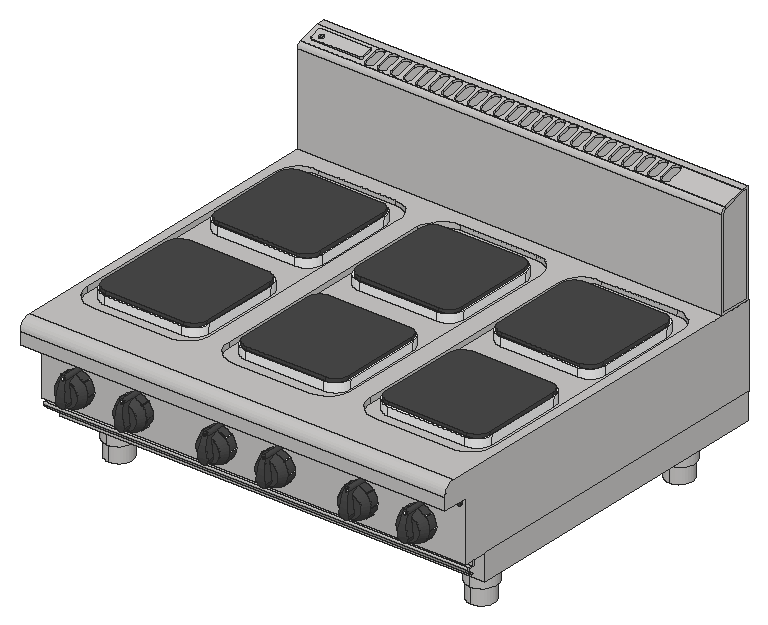
Revit family "QF_Moffat_RN8600SE-B_Electric_Cooktops_Sealed_Hobs_cat", category Specialty Equipment, Revit 2019 (continued)
Definition of nested family "High and Low Option"
  Definition of nested family "QF_LOGO_Waldorf1"
    Automatic sketch dimensions
      Split face 10 sketch curve to Split face 10 sketch curve = 3.285 mm
      Split face 10 sketch curve to Split face 10 sketch curve = 3.789 mm
      Split face 10 sketch curve to Split face 10 sketch curve = 0 mm  (x2)
      Split face 10 sketch curve to Split face 10 sketch curve = 1.629 mm
      Split face 10 sketch curve to Split face 10 sketch curve = 2.133 mm
      Split face 10 sketch curve to Extrusion 1 = 5.728 mm
      Split face 10 sketch curve to Split face 10 sketch curve = 6.245 mm
      Split face 10 sketch curve to Split face 10 sketch curve = 1.907 mm  (x2)
      Split face 10 sketch curve to Split face 10 sketch curve = 1.197 mm
      Split face 10 sketch curve to Split face 10 sketch curve = 2.19 mm
Definition of nested family "RN8600SE-B"
  Parameters (values of type "E516S-B")
    Weight in Kilograms = 135
    Watts = Volts * FL Amps  # 396 W
    Volts = 220 V
    URL Cutsheet = ""
    Specification by User = ""
    Specification by Manufacturer = ""
    Serial Number = ""
    Seismic Rating = ""
    SMACNA No = ""
    Revision Code = ""
    Phase = 1
    Number of Poles = 1
    NAFEM Spec ID Number = ""
    Model = "RN8600SE-B"
    Min Ckt Ampacity = 0 A
    Max Overcurrent Protection = 0 A
    Masterspec = ""
    Manufacturer = "Moffat"
    Length = 900 mm
    Item Number = ""
    Installed By = ""
    Identify Quantity as Lot = yes
    Height = 315 mm
    HP = ""
    Furnished By = ""
    Foodservice Equipment Identifier = yes
    FL Amps = 1.8 A
    Electrical Remarks = ""
    Electric Connection Type = ""
    Elec Conn RI Height = 0 mm
    Elec Conn Connection Height = 0 mm
    Description = "Electric Cooktops Sealed Hobs"
    Depth = 805 mm
    Cycle = 50 Hz
    Conn Plug = ""
    Conn Conduit = yes
    CSI MasterFormat = ""
    Apparent Power = if(Phase = 3, Volts * FL Amps * 1.73, Volts * FL Amps)  # 396 VA
  Reference planes
    plane 1 "BACK": y = 0
    plane 2: z = 0
    plane 3 "LEFT": x = 0
    plane 4 "RIGHT": x = 900
    plane 5 "FRONT": y = -805
    plane 6 "TOP": z = 315
    plane 7 "Center Y": x = 450
    plane 8 "Center X": y = -402.5
    plane 9: x = 65.5
    plane 10: x = 87.5
    plane 11: x = 211.766
    plane 12: y = -30
    plane 13: x = 770
    plane 14: x = 512.5
    plane 15: x = 388.234
    plane 16: x = 834.5
    plane 17: x = 812.5
    plane 18: x = 688.234
  Forms (mm)
    Extrusion 1, solid
      sketch origin (0, 0, 0) x (0, 1, 0) y (0, 0, 1)
        loop
          line (0, 140) -> (0, 315) -> (-781, 315)
          arc (-781, 315) -> (-797.971, 307.971) -> (-805, 291) r 24
          line (-805, 291) -> (-805, 266) -> (-749, 266) -> (-749, 140) -> (0, 140)
      from 0 to 900
    Extrusion 2, void
      sketch origin (0, -783.97, 314.5) x (0, 1, 0) y (-1, 0, 0)
        loop
          arc (681.97, -69) -> (667.325, -33.645) -> (631.97, -19) r 50
          line (631.97, -19) -> (131.97, -19)
          arc (131.97, -19) -> (96.615, -33.645) -> (81.97, -69) r 50
          line (81.97, -69) -> (81.97, -231)
          arc (81.97, -231) -> (96.615, -266.355) -> (131.97, -281) r 50
          line (131.97, -281) -> (631.97, -281)
          arc (631.97, -281) -> (667.325, -266.355) -> (681.97, -231) r 50
          line (681.97, -231) -> (681.97, -69)
        loop
          line (681.97, -831) -> (681.97, -669)
          arc (681.97, -669) -> (667.325, -633.645) -> (631.97, -619) r 50
          line (631.97, -619) -> (131.97, -619)
          arc (131.97, -619) -> (96.615, -633.645) -> (81.97, -669) r 50
          line (81.97, -669) -> (81.97, -831)
          arc (81.97, -831) -> (96.615, -866.355) -> (131.97, -881) r 50
          line (131.97, -881) -> (631.97, -881)
          arc (631.97, -881) -> (667.325, -866.355) -> (681.97, -831) r 50
        loop
          line (81.97, -369) -> (81.97, -531)
          arc (81.97, -531) -> (96.615, -566.355) -> (131.97, -581) r 50
          line (131.97, -581) -> (631.97, -581)
          arc (631.97, -581) -> (667.325, -566.355) -> (681.97, -531) r 50
          line (681.97, -531) -> (681.97, -369)
          arc (681.97, -369) -> (667.325, -333.645) -> (631.97, -319) r 50
          line (631.97, -319) -> (131.97, -319)
          arc (131.97, -319) -> (96.615, -333.645) -> (81.97, -369) r 50
      from 0.5 to -9.5
    Extrusion 3, solid
      sketch origin (0, -783.97, 305) x (0, 1, 0) y (-1, 0, 0)
        loop
          arc (645.97, -68) -> (636.597, -45.373) -> (613.97, -36) r 32
          line (613.97, -36) -> (449.97, -36)
          arc (449.97, -36) -> (427.343, -45.373) -> (417.97, -68) r 32
          line (417.97, -68) -> (417.97, -232)
          arc (417.97, -232) -> (427.343, -254.627) -> (449.97, -264) r 32
          line (449.97, -264) -> (613.97, -264)
          arc (613.97, -264) -> (636.597, -254.627) -> (645.97, -232) r 32
          line (645.97, -232) -> (645.97, -68)
        loop
          arc (345.97, -68) -> (336.597, -45.373) -> (313.97, -36) r 32
          line (313.97, -36) -> (149.97, -36)
          arc (149.97, -36) -> (127.343, -45.373) -> (117.97, -68) r 32
          line (117.97, -68) -> (117.97, -232)
          arc (117.97, -232) -> (127.343, -254.627) -> (149.97, -264) r 32
          line (149.97, -264) -> (313.97, -264)
          arc (313.97, -264) -> (336.597, -254.627) -> (345.97, -232) r 32
          line (345.97, -232) -> (345.97, -68)
        loop
          arc (645.97, -368) -> (636.597, -345.373) -> (613.97, -336) r 32
          line (613.97, -336) -> (449.97, -336)
          arc (449.97, -336) -> (427.343, -345.373) -> (417.97, -368) r 32
          line (417.97, -368) -> (417.97, -532)
          arc (417.97, -532) -> (427.343, -554.627) -> (449.97, -564) r 32
          line (449.97, -564) -> (613.97, -564)
          arc (613.97, -564) -> (636.597, -554.627) -> (645.97, -532) r 32
          line (645.97, -532) -> (645.97, -368)
        loop
          arc (345.97, -368) -> (336.597, -345.373) -> (313.97, -336) r 32
          line (313.97, -336) -> (149.97, -336)
          arc (149.97, -336) -> (127.343, -345.373) -> (117.97, -368) r 32
          line (117.97, -368) -> (117.97, -532)
          arc (117.97, -532) -> (127.343, -554.627) -> (149.97, -564) r 32
          line (149.97, -564) -> (313.97, -564)
          arc (313.97, -564) -> (336.597, -554.627) -> (345.97, -532) r 32
          line (345.97, -532) -> (345.97, -368)
        loop
          line (645.97, -832) -> (645.97, -668)
          arc (645.97, -668) -> (636.597, -645.373) -> (613.97, -636) r 32
          line (613.97, -636) -> (449.97, -636)
          arc (449.97, -636) -> (427.343, -645.373) -> (417.97, -668) r 32
          line (417.97, -668) -> (417.97, -832)
          arc (417.97, -832) -> (427.343, -854.627) -> (449.97, -864) r 32
          line (449.97, -864) -> (613.97, -864)
          arc (613.97, -864) -> (636.597, -854.627) -> (645.97, -832) r 32
        loop
          line (345.97, -832) -> (345.97, -668)
          arc (345.97, -668) -> (336.597, -645.373) -> (313.97, -636) r 32
          line (313.97, -636) -> (149.97, -636)
          arc (149.97, -636) -> (127.343, -645.373) -> (117.97, -668) r 32
          line (117.97, -668) -> (117.97, -832)
          arc (117.97, -832) -> (127.343, -854.627) -> (149.97, -864) r 32
          line (149.97, -864) -> (313.97, -864)
          arc (313.97, -864) -> (336.597, -854.627) -> (345.97, -832) r 32
      from 0 to 17.8
    Extrusion 4, solid
      sketch origin (0, -783.97, 322.8) x (0, 1, 0) y (-1, 0, 0)
        loop
          arc (641.97, -67) -> (634.062, -47.908) -> (614.97, -40) r 27
          line (614.97, -40) -> (448.97, -40)
          arc (448.97, -40) -> (429.878, -47.908) -> (421.97, -67) r 27
          line (421.97, -67) -> (421.97, -233)
          arc (421.97, -233) -> (429.878, -252.092) -> (448.97, -260) r 27
          line (448.97, -260) -> (614.97, -260)
          arc (614.97, -260) -> (634.062, -252.092) -> (641.97, -233) r 27
          line (641.97, -233) -> (641.97, -67)
        loop
          arc (341.97, -67) -> (334.062, -47.908) -> (314.97, -40) r 27
          line (314.97, -40) -> (148.97, -40)
          arc (148.97, -40) -> (129.878, -47.908) -> (121.97, -67) r 27
          line (121.97, -67) -> (121.97, -233)
          arc (121.97, -233) -> (129.878, -252.092) -> (148.97, -260) r 27
          line (148.97, -260) -> (314.97, -260)
          arc (314.97, -260) -> (334.062, -252.092) -> (341.97, -233) r 27
          line (341.97, -233) -> (341.97, -67)
        loop
          line (641.97, -533) -> (641.97, -367)
          arc (641.97, -367) -> (634.062, -347.908) -> (614.97, -340) r 27
          line (614.97, -340) -> (448.97, -340)
          arc (448.97, -340) -> (429.878, -347.908) -> (421.97, -367) r 27
          line (421.97, -367) -> (421.97, -533)
          arc (421.97, -533) -> (429.878, -552.092) -> (448.97, -560) r 27
          line (448.97, -560) -> (614.97, -560)
          arc (614.97, -560) -> (634.062, -552.092) -> (641.97, -533) r 27
        loop
          arc (314.97, -560) -> (334.062, -552.092) -> (341.97, -533) r 27
          line (341.97, -533) -> (341.97, -367)
          arc (341.97, -367) -> (334.062, -347.908) -> (314.97, -340) r 27
          line (314.97, -340) -> (148.97, -340)
          arc (148.97, -340) -> (129.878, -347.908) -> (121.97, -367) r 27
          line (121.97, -367) -> (121.97, -533)
          arc (121.97, -533) -> (129.878, -552.092) -> (148.97, -560) r 27
          line (148.97, -560) -> (314.97, -560)
        loop
          line (641.97, -833) -> (641.97, -667)
          arc (641.97, -667) -> (634.062, -647.908) -> (614.97, -640) r 27
          line (614.97, -640) -> (448.97, -640)
          arc (448.97, -640) -> (429.878, -647.908) -> (421.97, -667) r 27
          line (421.97, -667) -> (421.97, -833)
          arc (421.97, -833) -> (429.878, -852.092) -> (448.97, -860) r 27
          line (448.97, -860) -> (614.97, -860)
          arc (614.97, -860) -> (634.062, -852.092) -> (641.97, -833) r 27
        loop
          arc (314.97, -860) -> (334.062, -852.092) -> (341.97, -833) r 27
          line (341.97, -833) -> (341.97, -667)
          arc (341.97, -667) -> (334.062, -647.908) -> (314.97, -640) r 27
          line (314.97, -640) -> (148.97, -640)
          arc (148.97, -640) -> (129.878, -647.908) -> (121.97, -667) r 27
          line (121.97, -667) -> (121.97, -833)
          arc (121.97, -833) -> (129.878, -852.092) -> (148.97, -860) r 27
          line (148.97, -860) -> (314.97, -860)
      from 0 to 6.1
    Extrusion 5, solid
      sketch origin (0, 0, 0) x (0, 1, 0) y (0, 0, 1)
        loop
          line (-699, 85) -> (0, 85) -> (0, 140) -> (-699, 140) -> (-699, 85)
      from 0 to 900
    Extrusion 6, solid
      sketch origin (0, 0, 0) x (0, 1, 0) y (0, 0, 1)
        loop
          line (-730.6, 140) -> (-730.6, 130) -> (-740.105, 130)
          arc (-740.105, 130) -> (-743.076, 128.015) -> (-742.379, 124.511) r 3.215
          line (-742.379, 124.511) -> (-731.85, 113.982) -> (-730.719, 115.113) -> (-741.247, 125.642)
          arc (-741.247, 125.642) -> (-741.597, 127.403) -> (-740.105, 128.4) r 1.615
          line (-740.105, 128.4) -> (-729, 128.4) -> (-729, 140) -> (-730.6, 140)
      from 0 to 900
    Extrusion 7, solid
      sketch origin (450, 175.397, 1219.2) x (0, 1, 0) y (0, 0, 1)
        loop
          line (-874.397, -1109.2) -> (-889.234, -1109.2)
          arc (-889.234, -1109.2) -> (-890.834, -1110.8) -> (-889.234, -1112.4) r 1.6
          line (-889.234, -1112.4) -> (-874.397, -1112.4) -> (-874.397, -1109.2)
      from -400 to 400
    Extrusion 8, solid
      sketch origin (0, -749, 156.25) x (0, 0, 1) y (-1, 0, 0)
        loop
          circle (84.8, -732.5) r 7.15
        loop
          circle (84.8, -857.5) r 7.15
        loop
          circle (84.8, -431.766) r 7.15
        loop
          circle (84.8, -556.766) r 7.15
        loop
          circle (84.8, -131.031) r 7.15
        loop
          circle (84.8, -256.031) r 7.15
      from 0 to 1.6
    Extrusion 9, solid
      sketch origin (0, -749, 156.25) x (0, 0, 1) y (-1, 0, 0)
        loop
          circle (97.343, -13.157) r 5
        loop
          circle (97.343, -886.843) r 5
      from 0 to 1.6
    Extrusion 10, solid
      sketch origin (-30, -689.8, 85) x (1, 0, 0) y (0, -1, 0)
        loop
          circle (800, -659.8) r 6.35
      from 0 to 1.6
  Cuts and joins
    Extrusion 2 cuts Extrusion 1
  Lines and regions (mm)
    symbolic lines
      curve 1: line (0, 0, 0) -> (900, 0, 0)
      curve 2: line (0, -805, 0) -> (0, 0, 0)
      curve 3: line (900, -805, 0) -> (0, -805, 0)
      curve 4: line (900, 0, 0) -> (900, -805, 0)
      curve 5: line (369, -102, 0) -> (531, -102, 0)
      curve 6: arc (531, -102, 0) -> (566.355, -116.645, 0) -> (581, -152, 0) r 50
      curve 7: line (581, -152, 0) -> (581, -652, 0)
      curve 8: arc (581, -652, 0) -> (566.355, -687.355, 0) -> (531, -702, 0) r 50
      curve 9: line (531, -702, 0) -> (369, -702, 0)
      curve 10: arc (369, -702, 0) -> (333.645, -687.355, 0) -> (319, -652, 0) r 50
      curve 11: line (319, -652, 0) -> (319, -152, 0)
      curve 12: arc (319, -152, 0) -> (333.645, -116.645, 0) -> (369, -102, 0) r 50
      curve 13: line (669, -102, 0) -> (831, -102, 0)
      curve 14: arc (831, -102, 0) -> (866.355, -116.645, 0) -> (881, -152, 0) r 50
      curve 15: line (881, -152, 0) -> (881, -652, 0)
      curve 16: arc (881, -652, 0) -> (866.355, -687.355, 0) -> (831, -702, 0) r 50
      curve 17: line (831, -702, 0) -> (669, -702, 0)
      curve 18: arc (669, -702, 0) -> (633.645, -687.355, 0) -> (619, -652, 0) r 50
      curve 19: line (619, -652, 0) -> (619, -152, 0)
      curve 20: arc (619, -152, 0) -> (633.645, -116.645, 0) -> (669, -102, 0) r 50
      curve 21: arc (668, -138, 0) -> (645.373, -147.373, 0) -> (636, -170, 0) r 32
      curve 22: line (636, -170, 0) -> (636, -334, 0)
      curve 23: arc (636, -334, 0) -> (645.373, -356.627, 0) -> (668, -366, 0) r 32
      curve 24: line (668, -366, 0) -> (832, -366, 0)
      curve 25: arc (832, -366, 0) -> (854.627, -356.627, 0) -> (864, -334, 0) r 32
      curve 26: line (864, -334, 0) -> (864, -170, 0)
      curve 27: arc (864, -170, 0) -> (854.627, -147.373, 0) -> (832, -138, 0) r 32
      curve 28: line (832, -138, 0) -> (668, -138, 0)
      curve 29: arc (667, -142, 0) -> (647.908, -149.908, 0) -> (640, -169, 0) r 27
      curve 30: line (640, -169, 0) -> (640, -335, 0)
      curve 31: arc (640, -335, 0) -> (647.908, -354.092, 0) -> (667, -362, 0) r 27
      curve 32: line (667, -362, 0) -> (833, -362, 0)
      curve 33: arc (833, -362, 0) -> (852.092, -354.092, 0) -> (860, -335, 0) r 27
      curve 34: line (860, -335, 0) -> (860, -169, 0)
      curve 35: arc (860, -169, 0) -> (852.092, -149.908, 0) -> (833, -142, 0) r 27
      curve 36: line (833, -142, 0) -> (667, -142, 0)
      curve 37: line (532, -138, 0) -> (368, -138, 0)
      curve 38: arc (368, -138, 0) -> (345.373, -147.373, 0) -> (336, -170, 0) r 32
      curve 39: line (336, -170, 0) -> (336, -334, 0)
      curve 40: arc (336, -334, 0) -> (345.373, -356.627, 0) -> (368, -366, 0) r 32
      curve 41: line (368, -366, 0) -> (532, -366, 0)
      curve 42: arc (532, -366, 0) -> (554.627, -356.627, 0) -> (564, -334, 0) r 32
      curve 43: line (564, -334, 0) -> (564, -170, 0)
      curve 44: arc (564, -170, 0) -> (554.627, -147.373, 0) -> (532, -138, 0) r 32
      curve 45: line (533, -142, 0) -> (367, -142, 0)
      curve 46: arc (367, -142, 0) -> (347.908, -149.908, 0) -> (340, -169, 0) r 27
      curve 47: line (340, -169, 0) -> (340, -335, 0)
      curve 48: arc (340, -335, 0) -> (347.908, -354.092, 0) -> (367, -362, 0) r 27
      curve 49: line (367, -362, 0) -> (533, -362, 0)
      curve 50: arc (533, -362, 0) -> (552.092, -354.092, 0) -> (560, -335, 0) r 27
      curve 51: line (560, -335, 0) -> (560, -169, 0)
      curve 52: arc (560, -169, 0) -> (552.092, -149.908, 0) -> (533, -142, 0) r 27
      curve 53: line (232, -138, 0) -> (68, -138, 0)
      curve 54: arc (68, -138, 0) -> (45.373, -147.373, 0) -> (36, -170, 0) r 32
      curve 55: line (36, -170, 0) -> (36, -334, 0)
      curve 56: arc (36, -334, 0) -> (45.373, -356.627, 0) -> (68, -366, 0) r 32
      curve 57: line (68, -366, 0) -> (232, -366, 0)
      curve 58: arc (232, -366, 0) -> (254.627, -356.627, 0) -> (264, -334, 0) r 32
      curve 59: line (264, -334, 0) -> (264, -170, 0)
      curve 60: arc (264, -170, 0) -> (254.627, -147.373, 0) -> (232, -138, 0) r 32
      curve 61: line (233, -142, 0) -> (67, -142, 0)
      curve 62: arc (67, -142, 0) -> (47.908, -149.908, 0) -> (40, -169, 0) r 27
      curve 63: line (40, -169, 0) -> (40, -335, 0)
      curve 64: arc (40, -335, 0) -> (47.908, -354.092, 0) -> (67, -362, 0) r 27
      curve 65: line (67, -362, 0) -> (233, -362, 0)
      curve 66: arc (233, -362, 0) -> (252.092, -354.092, 0) -> (260, -335, 0) r 27
      curve 67: line (260, -335, 0) -> (260, -169, 0)
      curve 68: arc (260, -169, 0) -> (252.092, -149.908, 0) -> (233, -142, 0) r 27
      curve 69: line (232, -438, 0) -> (68, -438, 0)
      curve 70: arc (68, -438, 0) -> (45.373, -447.373, 0) -> (36, -470, 0) r 32
      curve 71: line (36, -470, 0) -> (36, -634, 0)
      curve 72: arc (36, -634, 0) -> (45.373, -656.627, 0) -> (68, -666, 0) r 32
      curve 73: line (68, -666, 0) -> (232, -666, 0)
      curve 74: arc (232, -666, 0) -> (254.627, -656.627, 0) -> (264, -634, 0) r 32
      curve 75: line (264, -634, 0) -> (264, -470, 0)
      curve 76: arc (264, -470, 0) -> (254.627, -447.373, 0) -> (232, -438, 0) r 32
      curve 77: line (233, -442, 0) -> (67, -442, 0)
      curve 78: arc (67, -442, 0) -> (47.908, -449.908, 0) -> (40, -469, 0) r 27
      curve 79: line (40, -469, 0) -> (40, -635, 0)
      curve 80: arc (40, -635, 0) -> (47.908, -654.092, 0) -> (67, -662, 0) r 27
      curve 81: line (67, -662, 0) -> (233, -662, 0)
      curve 82: arc (233, -662, 0) -> (252.092, -654.092, 0) -> (260, -635, 0) r 27
      curve 83: line (260, -635, 0) -> (260, -469, 0)
      curve 84: arc (260, -469, 0) -> (252.092, -449.908, 0) -> (233, -442, 0) r 27
      curve 85: arc (340, -635, 0) -> (347.908, -654.092, 0) -> (367, -662, 0) r 27
      curve 86: line (367, -662, 0) -> (533, -662, 0)
      curve 87: arc (533, -662, 0) -> (552.092, -654.092, 0) -> (560, -635, 0) r 27
      curve 88: line (560, -635, 0) -> (560, -469, 0)
      curve 89: arc (560, -469, 0) -> (552.092, -449.908, 0) -> (533, -442, 0) r 27
      curve 90: line (533, -442, 0) -> (367, -442, 0)
      curve 91: arc (367, -442, 0) -> (347.908, -449.908, 0) -> (340, -469, 0) r 27
      curve 92: line (340, -469, 0) -> (340, -635, 0)
      curve 93: line (368, -666, 0) -> (532, -666, 0)
      curve 94: arc (532, -666, 0) -> (554.627, -656.627, 0) -> (564, -634, 0) r 32
      curve 95: line (564, -634, 0) -> (564, -470, 0)
      curve 96: arc (564, -470, 0) -> (554.627, -447.373, 0) -> (532, -438, 0) r 32
      curve 97: line (532, -438, 0) -> (368, -438, 0)
      curve 98: arc (368, -438, 0) -> (345.373, -447.373, 0) -> (336, -470, 0) r 32
      curve 99: line (336, -470, 0) -> (336, -634, 0)
      curve 100: arc (336, -634, 0) -> (345.373, -656.627, 0) -> (368, -666, 0) r 32
      curve 101: line (668, -666, 0) -> (832, -666, 0)
      curve 102: arc (832, -666, 0) -> (854.627, -656.627, 0) -> (864, -634, 0) r 32
      curve 103: line (864, -634, 0) -> (864, -470, 0)
      curve 104: arc (864, -470, 0) -> (854.627, -447.373, 0) -> (832, -438, 0) r 32
      curve 105: line (832, -438, 0) -> (668, -438, 0)
      curve 106: arc (668, -438, 0) -> (645.373, -447.373, 0) -> (636, -470, 0) r 32
      curve 107: line (636, -470, 0) -> (636, -634, 0)
      curve 108: arc (636, -634, 0) -> (645.373, -656.627, 0) -> (668, -666, 0) r 32
      curve 109: arc (640, -635, 0) -> (647.908, -654.092, 0) -> (667, -662, 0) r 27
      curve 110: line (667, -662, 0) -> (833, -662, 0)
      curve 111: arc (833, -662, 0) -> (852.092, -654.092, 0) -> (860, -635, 0) r 27
      curve 112: line (860, -635, 0) -> (860, -469, 0)
      curve 113: arc (860, -469, 0) -> (852.092, -449.908, 0) -> (833, -442, 0) r 27
      curve 114: line (833, -442, 0) -> (667, -442, 0)
      curve 115: arc (667, -442, 0) -> (647.908, -449.908, 0) -> (640, -469, 0) r 27
      curve 116: line (640, -469, 0) -> (640, -635, 0)
      curve 117: line (69, -102, 0) -> (231, -102, 0)
      curve 118: arc (231, -102, 0) -> (266.355, -116.645, 0) -> (281, -152, 0) r 50
      curve 119: line (281, -152, 0) -> (281, -652, 0)
      curve 120: arc (281, -652, 0) -> (266.355, -687.355, 0) -> (231, -702, 0) r 50
      curve 121: line (231, -702, 0) -> (69, -702, 0)
      curve 122: arc (69, -702, 0) -> (33.645, -687.355, 0) -> (19, -652, 0) r 50
      curve 123: line (19, -652, 0) -> (19, -152, 0)
      curve 124: arc (19, -152, 0) -> (33.645, -116.645, 0) -> (69, -102, 0) r 50
  Dimensions and locks
    equal spacing: plane 3 "LEFT", plane 7 "Center Y", plane 4 "RIGHT"
    "Length": plane 3 "LEFT" to plane 4 "RIGHT"
    equal spacing: plane 5 "FRONT", plane 8 "Center X", plane 1 "BACK"
    "Depth": plane 5 "FRONT" to plane 1 "BACK"
    "Height": plane 6 "TOP" to level
    plane 4 "RIGHT" to plane 3 "LEFT" = 900 mm
    plane 1 "BACK" to plane 5 "FRONT" = 805 mm
    plane 6 "TOP" to plane 2 = 315 mm
    plane 2 to Extrusion 5 = 85 mm
    plane 1 "BACK" to nested 5 = 100 mm
    nested 5 to nested 1 = 525 mm
    locked: plane 13 to plane 4 "RIGHT" at 130
    plane 9 to plane 16 = 769 mm
    plane 1 "BACK" to plane 12 = 30 mm
    plane 6 "TOP" to level = 315 mm
    aligned and locked: level to plane 2
  Automatic sketch dimensions
    Extrusion 5 sketch curve to plane 1 "BACK" = 0 mm
    Extrusion 5 sketch curve to plane 5 "FRONT" = 106 mm
    level to Extrusion 5 sketch curve = 85 mm
    Extrusion 5 sketch curve to Extrusion 5 sketch curve = 55 mm
    Extrusion 6 sketch curve to Extrusion 6 sketch curve = 0 mm  (x2)
    Extrusion 6 sketch curve to plane 5 "FRONT" = 62.621 mm
    Extrusion 6 sketch curve to Extrusion 6 sketch curve = 1.131 mm  (x3)
    Extrusion 6 sketch curve to Extrusion 6 sketch curve = 1.142 mm  (x2)
    Extrusion 6 sketch curve to Extrusion 6 sketch curve = 10.529 mm
    Extrusion 6 sketch curve to Extrusion 6 sketch curve = 9.505 mm
    Extrusion 6 sketch curve to Extrusion 6 sketch curve = 1.6 mm
    level to Extrusion 6 sketch curve = 113.982 mm
    Extrusion 6 sketch curve to Extrusion 6 sketch curve = 10 mm
    Extrusion 1 to Extrusion 9 sketch curve = 13.157 mm  (x2)
    Extrusion 10 sketch curve to Extrusion 5 = 30 mm
    Extrusion 10 sketch curve to Extrusion 5 = 130 mm
    Extrusion 7 sketch curve to plane 5 "FRONT" = 91.163 mm
    Extrusion 7 sketch curve to Extrusion 7 sketch curve = 14.837 mm
    level to Extrusion 7 sketch curve = 106.8 mm
    Extrusion 7 sketch curve to Extrusion 7 sketch curve = 1.6 mm
    Extrusion 1 to Extrusion 8 sketch curve = 42.5 mm
    Extrusion 8 sketch curve to Extrusion 8 sketch curve = 125 mm  (x3)
    Extrusion 8 sketch curve to Extrusion 8 sketch curve = 175.734 mm  (x2)
    Extrusion 8 sketch curve to Extrusion 1 = 24.95 mm  (x6)
    Extrusion 9 sketch curve to Extrusion 1 = 12.407 mm  (x2)
    Extrusion 1 sketch curve to plane 5 "FRONT" = 0 mm
    Extrusion 1 sketch curve to plane 1 "BACK" = 0 mm
    Extrusion 1 sketch curve to plane 5 "FRONT" = 24 mm
    Extrusion 1 sketch curve to plane 5 "FRONT" = 56 mm
    Extrusion 1 sketch curve to Extrusion 1 sketch curve = 126 mm
    Extrusion 1 sketch curve to Extrusion 1 sketch curve = 25 mm
    Extrusion 2 sketch curve to plane 16 = 3.5 mm  (x2)
    Extrusion 2 sketch curve to plane 5 "FRONT" = 103 mm  (x3)
    plane 15 to Extrusion 2 sketch curve = 19.234 mm
    Extrusion 2 sketch curve to plane 9 = 3.5 mm  (x2)
    Extrusion 2 sketch curve to Extrusion 2 sketch curve = 50 mm  (x7)
    plane 18 to Extrusion 2 sketch curve = 19.234 mm
    Extrusion 2 sketch curve to Extrusion 2 sketch curve = 0 mm  (x2)
    plane 14 to Extrusion 2 sketch curve = 18.5 mm  (x2)
    plane 4 "RIGHT" to Extrusion 2 sketch curve = 19 mm
    plane 12 to Extrusion 2 sketch curve = 122 mm  (x2)
    plane 11 to Extrusion 2 sketch curve = 19.234 mm
    plane 1 "BACK" to curve 1 = 0 mm
    curve 1 to plane 3 "LEFT" = 0 mm
    plane 5 "FRONT" to curve 3 = 0 mm
    plane 9 to curve 71 = 29.5 mm
    plane 9 to curve 55 = 29.5 mm
    curve 54 to curve 63 = 4 mm
    curve 71 to curve 79 = 4 mm
    curve 80 to plane 9 = 1.5 mm
    curve 62 to plane 9 = 1.5 mm
    curve 77 to plane 9 = 1.5 mm
    curve 64 to plane 9 = 1.5 mm
    curve 69 to plane 9 = 2.5 mm
    curve 80 to curve 72 = 1 mm
    curve 62 to curve 54 = 1 mm
    curve 64 to curve 56 = 1 mm
    plane 11 to curve 57 = 20.234 mm
    plane 11 to curve 60 = 20.234 mm
    plane 11 to curve 69 = 20.234 mm
    plane 11 to curve 73 = 20.234 mm
    curve 74 to curve 82 = 1 mm
    curve 57 to curve 65 = 1 mm
    curve 76 to curve 84 = 1 mm
    curve 60 to curve 68 = 1 mm
    curve 82 to curve 83 = 27 mm
    curve 66 to curve 67 = 27 mm
    curve 67 to curve 59 = 4 mm
    curve 83 to curve 75 = 4 mm
    curve 74 to curve 11 = 55 mm
    curve 11 to curve 99 = 17 mm
    plane 15 to curve 39 = 52.234 mm
    curve 39 to curve 47 = 4 mm
    curve 98 to curve 92 = 4 mm
    plane 15 to curve 91 = 21.234 mm
    plane 15 to curve 49 = 21.234 mm
    plane 15 to curve 86 = 21.234 mm
    plane 15 to curve 45 = 21.234 mm
    curve 49 to curve 41 = 1 mm
    curve 45 to curve 37 = 1 mm
    curve 90 to curve 97 = 1 mm
    curve 85 to curve 100 = 1 mm
    plane 15 to curve 5 = 19.234 mm
    plane 15 to curve 9 = 19.234 mm
    plane 14 to curve 8 = 18.5 mm
    plane 14 to curve 5 = 18.5 mm
    plane 14 to curve 42 = 19.5 mm
    plane 14 to curve 97 = 19.5 mm
    curve 8 to curve 94 = 1 mm
    curve 6 to curve 44 = 1 mm
    curve 97 to curve 90 = 1 mm
    curve 94 to curve 87 = 1 mm
    curve 37 to curve 45 = 1 mm
    curve 41 to curve 49 = 1 mm
    curve 50 to curve 51 = 27 mm
    curve 89 to curve 88 = 27 mm
    curve 50 to curve 43 = 4 mm
    curve 88 to curve 95 = 4 mm
    curve 43 to curve 7 = 17 mm
    curve 6 to curve 19 = 38 mm
    plane 18 to curve 107 = 52.234 mm
    plane 18 to curve 22 = 52.234 mm
    curve 107 to curve 116 = 4 mm
    curve 22 to curve 30 = 4 mm
    plane 18 to curve 31 = 21.234 mm
    plane 18 to curve 109 = 21.234 mm
    plane 18 to curve 115 = 21.234 mm
    plane 18 to curve 29 = 21.234 mm
    curve 36 to curve 28 = 1 mm
    curve 32 to curve 24 = 1 mm
    curve 115 to curve 105 = 1 mm
    curve 109 to curve 108 = 1 mm
    curve 29 to curve 20 = 2 mm
    curve 109 to curve 18 = 2 mm
    curve 17 to plane 16 = 3.5 mm
    curve 13 to plane 16 = 3.5 mm
    curve 24 to plane 16 = 2.5 mm
    curve 104 to plane 16 = 2.5 mm
    curve 28 to plane 16 = 2.5 mm
    curve 102 to plane 16 = 2.5 mm
    curve 104 to curve 113 = 1 mm
    curve 32 to plane 16 = 1.5 mm
    curve 102 to curve 111 = 1 mm
    curve 36 to plane 16 = 1.5 mm
    plane 16 to curve 34 = 25.5 mm
    plane 16 to curve 112 = 25.5 mm
    curve 33 to curve 26 = 4 mm
    curve 112 to curve 103 = 4 mm
    plane 4 "RIGHT" to curve 15 = 19 mm
    curve 9 to plane 5 "FRONT" = 103 mm
    curve 17 to plane 5 "FRONT" = 103 mm
    curve 93 to curve 8 = 14 mm
    curve 101 to curve 18 = 14 mm
    curve 73 to curve 10 = 14 mm
    curve 100 to curve 86 = 4 mm
    curve 72 to curve 81 = 4 mm
    curve 102 to curve 110 = 4 mm
    curve 70 to plane 8 "Center X" = 67.5 mm
    curve 95 to plane 8 "Center X" = 67.5 mm
    curve 103 to plane 8 "Center X" = 67.5 mm
    curve 96 to curve 89 = 1 mm
    curve 70 to curve 78 = 1 mm
    curve 106 to curve 115 = 1 mm
    plane 8 "Center X" to curve 57 = 36.5 mm
    plane 8 "Center X" to curve 41 = 36.5 mm
    plane 8 "Center X" to curve 24 = 36.5 mm
    curve 25 to curve 32 = 4 mm
    curve 56 to curve 65 = 4 mm
    curve 40 to curve 49 = 4 mm
    plane 12 to curve 39 = 140 mm
    curve 43 to curve 22 = 0 mm
    curve 60 to curve 38 = 0 mm
    curve 43 to curve 51 = 1 mm
    curve 21 to curve 29 = 1 mm
    curve 54 to curve 62 = 1 mm
    curve 20 to curve 29 = 10 mm
    curve 12 to curve 46 = 10 mm
    Extrusion 4 sketch curve to Extrusion 3 = 4 mm  (x23)
    Extrusion 4 sketch curve to Extrusion 3 = 31 mm  (x22)
    Extrusion 4 sketch curve to Extrusion 4 sketch curve = 27 mm  (x3)
    Extrusion 3 sketch curve to Extrusion 2 = 36 mm  (x3)
    Extrusion 3 sketch curve to Extrusion 3 sketch curve = 32 mm  (x18)
    Extrusion 3 sketch curve to Extrusion 2 = 17 mm  (x11)
    Extrusion 3 sketch curve to Extrusion 2 = 49 mm  (x3)
    Extrusion 3 sketch curve to Extrusion 3 sketch curve = 164 mm  (x3)
    Extrusion 3 sketch curve to Extrusion 3 sketch curve = 0 mm
    Extrusion 3 sketch curve to Extrusion 3 sketch curve = 72 mm  (x3)
    Extrusion 3 sketch curve to Extrusion 2 = 68 mm  (x6)
    level to Extrusion 1 sketch curve = 140 mm
    curve 3 to plane 4 "RIGHT" = 0 mm
    plane 3 "LEFT" to curve 123 = 19 mm
    curve 122 to plane 9 = 3.5 mm
    curve 124 to plane 9 = 3.5 mm
    curve 118 to curve 61 = 2 mm
    curve 120 to curve 82 = 2 mm
    curve 59 to curve 119 = 17 mm
    curve 121 to curve 73 = 36 mm
    curve 118 to curve 61 = 10 mm
    radius of Extrusion 9 sketch curve = 5 mm  (x2)
    radius of Extrusion 10 sketch curve = 6.35 mm
    radius of Extrusion 8 sketch curve = 7.15 mm  (x6)
  Nested families
    nested 1: "Small Leg" at (33.75, -593.25, 0), type "Small Leg"
    nested 2: "Small Leg" at (866.25, -593.25, 0) x (-1, 0, 0) z (0, 0, 1), type "Small Leg"
    nested 3: "Knob" at (55.003, -749, 164.5), type "Knob"
    nested 4: "Knob" at (179.269, -749, 164.5), type "Knob"
    nested 5: "Small Leg" at (33.75, -68.25, 0), type "Small Leg"
    nested 6: "Small Leg" at (866.25, -68.25, 0) x (-1, 0, 0) z (0, 0, 1), type "Small Leg"
    nested 7: "Knob" at (355.738, -749, 164.5), type "Knob"
    nested 8: "Knob" at (480.003, -749, 164.5), type "Knob"
    nested 9: "Knob" at (655.738, -749, 164.5), type "Knob"
    nested 10: "Knob" at (780.003, -749, 164.5), type "Knob"
  Connectors
    electrical at (770, -30, 83.4), driven by "Volts", driven by "Watts"
      settings: on Extrusion 10, index 1, voltage 220 V, apparent load 396 VA, apparent load phase1 0 VA, apparent load phase2 0 VA, apparent load phase3 0 VA, power factor 1, load classification none, number of poles 1, system type 30, power factor state 1, is connector primary yes, connector utility no, sub classification motor no, connector description "Electrical Connection"
  Definition of nested family "Small Leg"
    Parameters (values of type "Small Leg")
      Weight in Pounds = 0
      URL Cutsheet = ""
      Specification by User = ""
      Specification by Manufacturer = ""
      Serial Number = ""
      Seismic Rating = ""
      SMACNA No = ""
      Revision Code = ""
      NAFEM Spec ID Number = ""
      Masterspec = ""
      Length = 63.5 mm
      Item Number = ""
      Installed By = ""
      Identify Quantity as Lot = yes
      Height = 85 mm
      Furnished By = ""
      Foodservice Equipment Identifier = yes
      Depth = 63.5 mm
      CSI MasterFormat = ""
    Reference planes
      plane 1 "BACK": y = 0
      plane 2: z = 0
      plane 3 "LEFT": x = 0
      plane 4 "RIGHT": x = 63.5
      plane 5 "FRONT": y = -63.5
      plane 6 "TOP": z = 85
      plane 7 "Center Y": x = 31.75
      plane 8 "Center X": y = -31.75
    Forms (mm)
      Revolve 1, solid
        sketch origin (31.75, 175.397, 1219.2) x (0, 1, 0) y (0, 0, 1)
          loop
            line (-207.147, -1134.2) -> (-207.147, -1219.2) -> (-179.647, -1219.2) -> (-179.647, -1184.2) -> (-175.397, -1184.2) -> (-175.397, -1134.2) -> (-207.147, -1134.2)
          axis (-207.147, -1134.2) -> (-207.147, -1219.2)
        angle from 0 to 360
    Dimensions and locks
      equal spacing: plane 3 "LEFT", plane 7 "Center Y", plane 4 "RIGHT"
      "Length": plane 3 "LEFT" to plane 4 "RIGHT"
      equal spacing: plane 5 "FRONT", plane 8 "Center X", plane 1 "BACK"
      "Depth": plane 5 "FRONT" to plane 1 "BACK"
      "Height": plane 6 "TOP" to level
      plane 4 "RIGHT" to plane 3 "LEFT" = 63.5 mm
      aligned and locked: level to plane 2
    Automatic sketch dimensions
      Revolve 1 sketch curve to plane 6 "TOP" = 0 mm
      Revolve 1 sketch curve to plane 8 "Center X" = 0 mm  (x2)
      Revolve 1 sketch curve to level = 0 mm  (x2)
      Revolve 1 sketch curve to plane 1 "BACK" = 0 mm
      Revolve 1 sketch curve to Revolve 1 sketch curve = 4.25 mm
      level to Revolve 1 sketch curve = 35 mm
      Revolve 1 sketch curve to Revolve 1 sketch curve = 20 mm
  Definition of nested family "Knob"
    Parameters (values of type "Knob")
      Weight in Pounds = 0
      URL Cutsheet = ""
      Specification by User = ""
      Specification by Manufacturer = ""
      Serial Number = ""
      Seismic Rating = ""
      SMACNA No = ""
      Revision Code = ""
      NAFEM Spec ID Number = ""
      Masterspec = ""
      Length = 65 mm
      Item Number = ""
      Installed By = ""
      Identify Quantity as Lot = yes
      Height = 69.5 mm
      Furnished By = ""
      Foodservice Equipment Identifier = yes
      Depth = 59 mm
      CSI MasterFormat = ""
    Reference planes
      plane 1 "BACK": y = 0
      plane 2: z = 0
      plane 3 "LEFT": x = 0
      plane 4 "RIGHT": x = 65
      plane 5 "FRONT": y = -59
      plane 6 "TOP": z = 69.5
      plane 7 "Center Y": x = 32.5
      plane 8 "Center X": y = -29.5
    Forms (mm)
      Revolve 1, solid
        sketch origin (32.5, 175.397, 1219.2) x (0, 1, 0) y (0, 0, 1)
          loop
            line (-175.397, -1186.7) -> (-219.397, -1186.7) -> (-219.397, -1211.501) -> (-202.106, -1219.2) -> (-185.397, -1219.2) -> (-185.397, -1191.7) -> (-175.397, -1191.7) -> (-175.397, -1186.7)
          axis (-219.397, -1186.7) -> (-175.397, -1186.7)
        angle from 0 to 360
      Extrusion 2, solid
        sketch origin (32.5, 175.397, 1219.2) x (0, 1, 0) y (0, 0, 1)
          loop
            line (-202.106, -1154.2) -> (-185.397, -1154.2) -> (-185.397, -1149.7) -> (-224.105, -1149.7)
            arc (-224.105, -1149.7) -> (-233.965, -1178.467) -> (-230.696, -1208.7) r 70
            line (-230.696, -1208.7) -> (-219.397, -1208.7) -> (-219.397, -1161.899) -> (-202.106, -1154.2)
        from -15 to 15
      Extrusion 3, void
        sketch origin (0, 0, 0) x (1, 0, 0) y (0, 0, 1)
          loop
            line (27.501, 64.613) -> (22.02, 20.585)
            arc (22.02, 20.585) -> (32.792, 10.488) -> (42.986, 21.169) r 10.487
            line (42.986, 21.169) -> (37.499, 64.613)
            arc (37.499, 64.613) -> (32.5, 69.5) -> (27.501, 64.613) r 5
          loop
            line (10, 72.977) -> (10, 5.625) -> (55, 5.625) -> (55, 72.977) -> (10, 72.977)
        from 6.142 to 69.687
      Extrusion 4, solid
        sketch origin (0, -34.115, -16.916) x (1, 0, 0) y (0, 0.45399, 0.891007)
          loop
            circle (32.497, 65) r 2
        from 51.525 to 53.075
      Extrusion 5, solid
        sketch origin (32.5, -10, 32.5) x (0, 0, -1) y (-1, 0, 0)
          loop
            line (-23.54, -22.408) -> (-24.106, -22.974)
            arc (-24.106, -22.974) -> (-23.547, -23.547) -> (-22.974, -24.106) r 33.3
            line (-22.974, -24.106) -> (-22.408, -23.54)
            arc (-22.408, -23.54) -> (-22.981, -22.981) -> (-23.54, -22.408) r 32.5
          loop
            arc (-0.8, -33.29) -> (0, -33.3) -> (0.8, -33.29) r 33.3
            line (0.8, -33.29) -> (0.8, -32.49)
            arc (0.8, -32.49) -> (0, -32.5) -> (-0.8, -32.49) r 32.5
            line (-0.8, -32.49) -> (-0.8, -33.29)
          loop
            arc (23.54, -22.408) -> (22.981, -22.981) -> (22.408, -23.54) r 32.5
            line (22.408, -23.54) -> (22.974, -24.106)
            arc (22.974, -24.106) -> (23.547, -23.547) -> (24.106, -22.974) r 33.3
            line (24.106, -22.974) -> (23.54, -22.408)
          loop
            arc (-23.54, 22.408) -> (-22.981, 22.981) -> (-22.408, 23.54) r 32.5
            line (-22.408, 23.54) -> (-22.974, 24.106)
            arc (-22.974, 24.106) -> (-23.547, 23.547) -> (-24.106, 22.974) r 33.3
            line (-24.106, 22.974) -> (-23.54, 22.408)
          loop
            line (-0.8, 33.29) -> (-0.8, 32.49)
            arc (-0.8, 32.49) -> (0, 32.5) -> (0.8, 32.49) r 32.5
            line (0.8, 32.49) -> (0.8, 33.29)
            arc (0.8, 33.29) -> (0, 33.3) -> (-0.8, 33.29) r 33.3
          loop
            line (32.49, -0.8) -> (33.29, -0.8)
            arc (33.29, -0.8) -> (33.3, 0) -> (33.29, 0.8) r 33.3
            line (33.29, 0.8) -> (32.49, 0.8)
            arc (32.49, 0.8) -> (32.5, 0) -> (32.49, -0.8) r 32.5
          loop
            arc (24.106, 22.974) -> (23.547, 23.547) -> (22.974, 24.106) r 33.3
            line (22.974, 24.106) -> (22.408, 23.54)
            arc (22.408, 23.54) -> (22.981, 22.981) -> (23.54, 22.408) r 32.5
            line (23.54, 22.408) -> (24.106, 22.974)
        from 0 to -16.709
    Cuts and joins
      Extrusion 3 cuts Extrusion 2
    Dimensions and locks
      equal spacing: plane 3 "LEFT", plane 7 "Center Y", plane 4 "RIGHT"
      "Length": plane 3 "LEFT" to plane 4 "RIGHT"
      equal spacing: plane 5 "FRONT", plane 8 "Center X", plane 1 "BACK"
      "Depth": plane 5 "FRONT" to plane 1 "BACK"
      "Height": plane 6 "TOP" to level
      plane 4 "RIGHT" to plane 3 "LEFT" = 65 mm
      aligned and locked: level to plane 2
    Automatic sketch dimensions
      Revolve 1 sketch curve to level = 0 mm
      Revolve 1 sketch curve to plane 1 "BACK" = 0 mm  (x2)
      plane 1 "BACK" to Revolve 1 sketch curve = 10 mm
      plane 8 "Center X" to Revolve 1 sketch curve = 2.791 mm
      Revolve 1 sketch curve to plane 8 "Center X" = 14.5 mm
      level to Revolve 1 sketch curve = 7.699 mm
      level to Revolve 1 sketch curve = 27.5 mm
      Revolve 1 sketch curve to Revolve 1 sketch curve = 5 mm
      Revolve 1 sketch curve to Revolve 1 sketch curve = 35 mm
      Revolve 1 sketch curve to Revolve 1 sketch curve = 0 mm
      Extrusion 2 sketch curve to plane 6 "TOP" = 0 mm
      Extrusion 2 sketch curve to plane 5 "FRONT" = 3.702 mm
      Extrusion 2 sketch curve to plane 5 "FRONT" = 10.293 mm
      Extrusion 2 sketch curve to Extrusion 2 sketch curve = 11.298 mm
      plane 8 "Center X" to Extrusion 2 sketch curve = 2.791 mm
      plane 1 "BACK" to Extrusion 2 sketch curve = 10 mm
      Extrusion 2 sketch curve to plane 1 "BACK" = 11 mm
      Extrusion 2 sketch curve to plane 6 "TOP" = 4.5 mm
      Extrusion 2 sketch curve to plane 6 "TOP" = 12.199 mm
      level to Extrusion 2 sketch curve = 32.962 mm
      level to Extrusion 3 sketch curve = 5.625 mm
      Extrusion 3 sketch curve to plane 7 "Center Y" = 0 mm  (x2)
      Extrusion 3 sketch curve to plane 7 "Center Y" = 4.999 mm
      Extrusion 3 sketch curve to plane 7 "Center Y" = 10.48 mm
      plane 6 "TOP" to Extrusion 3 sketch curve = 3.477 mm
      plane 3 "LEFT" to Extrusion 3 sketch curve = 10 mm
      Extrusion 3 sketch curve to plane 6 "TOP" = 4.887 mm
      Extrusion 3 sketch curve to Extrusion 3 sketch curve = 4.999 mm
      plane 7 "Center Y" to Extrusion 3 sketch curve = 10.486 mm
      level to Extrusion 3 sketch curve = 20.585 mm
      Extrusion 3 sketch curve to Extrusion 3 sketch curve = 0.387 mm
      Extrusion 3 sketch curve to Extrusion 3 sketch curve = 0.113 mm
      plane 4 "RIGHT" to Extrusion 3 sketch curve = 10 mm
      Extrusion 5 sketch curve to Revolve 1 = 32.49 mm
      Revolve 1 to Extrusion 5 sketch curve = 32.49 mm
      Extrusion 5 sketch curve to Revolve 1 = 23.54 mm  (x2)
      Revolve 1 to Extrusion 5 sketch curve = 23.54 mm  (x2)
      Extrusion 5 sketch curve to Revolve 1 = 24.106 mm  (x2)
      Revolve 1 to Extrusion 5 sketch curve = 24.106 mm  (x2)
      Revolve 1 to Extrusion 5 sketch curve = 22.408 mm  (x2)
      Extrusion 5 sketch curve to Revolve 1 = 22.408 mm  (x2)
      Revolve 1 to Extrusion 5 sketch curve = 22.974 mm  (x2)
      Extrusion 5 sketch curve to Revolve 1 = 22.974 mm  (x2)
      Extrusion 5 sketch curve to Extrusion 5 sketch curve = 1.6 mm  (x2)
      Revolve 1 to Extrusion 5 sketch curve = 0.8 mm
      Extrusion 5 sketch curve to Revolve 1 = 0.8 mm
      Extrusion 4 sketch curve to plane 7 "Center Y" = 0.003 mm
      radius of Extrusion 5 sketch curve to Revolve 1 = 0 mm  (x7)
      radius of Revolve 1 to Extrusion 5 sketch curve = 0.8 mm  (x7)
      radius of Extrusion 4 sketch curve = 2 mm
